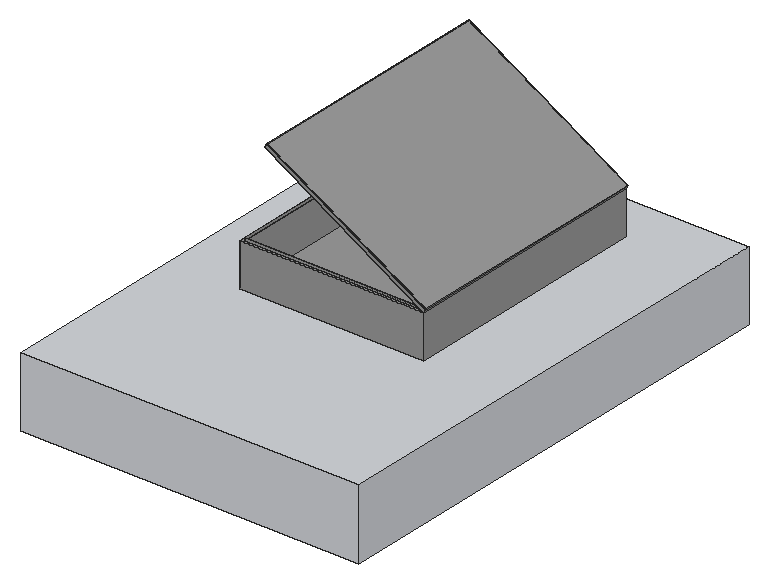
Revit family "Hager-Univers-IP44-D205-H1100-Cl.II-Encl-BE-en", category Equipement électrique, Revit 2020
Family settings
  Hôte = Face
  Configuration du panneau = Deux colonnes, circuits au sein
  Cote de connecteur circulaire = Utiliser le diamètre
  Type d'élément = Tableau de raccordement
  Couper avec des vides une fois chargée = Non
  Partagée = Non
  Point de calcul de pièce = Non
Parameters (values of type "Surface mounted (plaster) IP44 W800 H1100 D205  - FP73QS")
  Width Control [instance] = if([EF000008 - Width] > Min Width, [EF000008 - Width], Min Width)  # 800 mm
  Commentaires du type = [HG000003 - Range]  # "Univers"
  Thickness Door [instance] = if([EF009171 - Material plate thickness door/cover] > 3 mm, 3 mm, [EF009171 - Material plate thickness door/cover])  # 1 mm
  Seal Frame Offset [instance] = 17 mm  # constant formula
  Plinth Visibility [instance] = [HG000027 - Plinth height] > 0 mm  # no
  Model = ""
  Min Width [instance] = 100 mm  # constant formula
  Min Height [instance] = 100 mm  # constant formula
  Min Depth [instance] = (2 * [EF009170 - Material plate thickness cabinet]) + 1 mm  # 3 mm
  Internal Frame Depth [instance] = (Door System Depth * 0.5)  # 9 mm
  Height Control [instance] = if([EF000040 - Height] > Min Height, [EF000040 - Height], Min Height)  # 1100 mm
  HG000027 - Plinth height = 0 mm
  HG000026 - Floor standing = no
  HG000024 - Bottom section height = 800 mm
  HG000023 - Double section enclosure = no
  HG000016 - Door 3d visibility [instance] = yes
  HG000015 - Clearance visibility [instance] = no
  HG000014 - Door on the right [instance] = yes
  HG000013 - Door on the left [instance] = not([HG000014 - Door on the right])  # no
  HG000012 - Door swing angle [instance] = 30.00°
  HG000010 - Asymmetric doors = no
  HG000009 - Double swing door = no
  HG000006 - Flush mounted = no
  HG000004 - Manufacturer reference = "FP73QS"
  HG000003 - Range = "Univers"
  HG000002 - With door or cover = yes
  Frame Offset Bottom [instance] = 10 mm  # constant formula
  Frame Offset [instance] = 15 mm  # constant formula
  EF015940 - Cover with overpressure release = no
  EF011959 - Degree of protection (NEMA) = ""
  EF009554 - Number of openings for flange plates = 6
  EF009212 - Cover model = "EV000116 - Closed"
  EF009171 - Material plate thickness door/cover = 1 mm
  EF009170 - Material plate thickness cabinet = 1 mm
  Fabricant = "Hager"  # constant formula
  EF008873 - Nominal current (In) = 250 A
  EF007800 - Suitable for lightning protection = no
  EF006306 - With lock = no
  EF006244 - Transparent cover/door = no
  EF005474 - Degree of protection (IP) = "EV006418 - IP44"
  EF004464 - Type of door = "EV002646 - Single"
  EF004427 - Number of modules = 252
  EF004293 - Impact strength = "EV006815 - IK09"
  EF003532 - Suitable for outdoor use = no
  EF002950 - Width in number of modular spacings = 36
  EF001613 - Circuit integrity = "EV000494 - None"
  EF001596 - Material housing = "EV000179 - Steel"
  EF001131 - Internal depth = 143 mm
  EF001088 - Extension possible = yes
  EF000437 - Number of conduit inlets = 6
  EF000339 - Type of cover = "EV001012 - Cover"
  EF000266 - Number of rows = 7
  EF000218 - Built-in depth = 0 mm
  EF000118 - With mounting plate = no
  EF000116 - RAL-number = "9010"
  EF000049 - Depth = 205 mm
  EF000040 - Height = 1100 mm
  EF000008 - Width = 800 mm
  EF000007 - Colour = "EV000202 - White"
  EF000003 - Mounting method = "EV000384 - Surface mounted (plaster)"
  Door System Leaf Tolerance [instance] = 1.5 mm  # constant formula
  Door System Depth [instance] = 18 mm  # constant formula
  Door Height [instance] = Height Control - [HG000027 - Plinth height]  # 1100 mm
  Depth Control [instance] = if([EF000049 - Depth] > Min Depth, [EF000049 - Depth], Min Depth)  # 205 mm
  Default Elevation = 0 mm
  Connector Offset [instance] = Height Control / 2  # 550 mm
  Bottom Top Plate Trim [instance] = 1.5 mm  # constant formula
  Plinth height Ctrl [instance] = if([HG000027 - Plinth height] > 0 mm, [HG000027 - Plinth height], 12 mm)  # 12 mm
Types (5, lengths in mm): name | Width Control | HG000009 - Double swing door | HG000004 - Manufacturer reference | EF009554 - Number of openings for flange plates | EF004464 - Type of door | EF004427 - Number of modules | EF002950 - Width in number of modular spacings | EF000437 - Number of conduit inlets | EF000008 - Width
  Surface mounted (plaster) IP44 W1050 H1100 D205  - FP74QS | 1050 | yes | "FP74QS" | 8 | "EV003602 - Double" | 336 | 48 | 8 | 1050
  Surface mounted (plaster) IP44 W1300 H1100 D205  - FP75QS | 1300 | yes | "FP75QS" | 10 | "EV003602 - Double" | 420 | 60 | 10 | 1300
  Surface mounted (plaster) IP44 W300 H1100 D205  - FP71QS | 300 | no | "FP71QS" | 2 | "EV002646 - Single" | 84 | 12 | 2 | 300
  Surface mounted (plaster) IP44 W550 H1100 D205  - FP72QS | 550 | no | "FP72QS" | 4 | "EV002646 - Single" | 168 | 24 | 4 | 550
  Surface mounted (plaster) IP44 W800 H1100 D205  - FP73QS | 800 | no | "FP73QS" | 6 | "EV002646 - Single" | 252 | 36 | 6 | 800
Reference planes
  plane 1 "Center (Front/Back)": y = 0
  plane 2: z = 0
  plane 3 "Center (Left/Right)": x = 0
  plane 4: z = 205
  plane 5: y = 1
  plane 6: y = 550
  plane 7: y = 0
  plane 8: y = 1100
  plane 9: z = 0
  plane 10: x = -385
  plane 11: x = 385
  plane 12: x = 384
  plane 13: x = -384
  plane 14: y = 1099
  plane 15: x = -383
  plane 16: x = -400
  plane 17: x = 383
  plane 18: x = 400
  plane 19: x = 399
  plane 20: x = -399
  plane 21: y = 11
  plane 22: y = 1100
  plane 23: y = 1084
  plane 24: z = 187
  plane 25: z = 1
  plane 26: z = 186
  plane 27: z = 204
Forms (mm)
  Extrusion 1, solid
    sketch origin (0, 0, 0) x (1, 0, 0) y (0, 1, 0)
      loop
        line (-702.964, 1305) -> (-702.964, -811.445) -> (766.763, -811.445) -> (766.763, 1305) -> (-702.964, 1305)
    from 0 to -304.8
  Extrusion 2, solid, material "Hager_Steel_RAL7035_Light_Grey", visible <- "Plinth Visibility", detail levels medium+fine
    sketch origin (0, 0, 0) x (1, 0, 0) y (0, 1, 0)
      loop
        line (-400, 0) -> (400, 0) -> (400, 12) -> (-400, 12) -> (-400, 0)
    from 0 to 187
  Extrusion 3, solid, material "Hager_Steel_RAL7035_Light_Grey", detail levels medium+fine
    sketch origin (0, 0, 0) x (1, 0, 0) y (0, 1, 0)
      loop
        line (-400, 0) -> (400, 0) -> (400, 1100) -> (-400, 1100) -> (-400, 0)
    from 0 to 187
  Extrusion 4, void
    sketch origin (0, 0, 0) x (1, 0, 0) y (0, 1, 0)
      loop
        line (-399, 1) -> (399, 1) -> (399, 1099) -> (-399, 1099) -> (-399, 1)
    from 1 to 186
  Extrusion 5, void
    sketch origin (-381.607, -4572, 187) x (0, -1, 0) y (-1, 0, 0)
      loop
        line (-4583, 2.393) -> (-5656, 2.393) -> (-5656, -765.607) -> (-4583, -765.607) -> (-4583, 2.393)
    from 0 to 1 <- "EF009170 - Material plate thickness cabinet"
  Extrusion 6, solid, material "Hager_Steel_RAL7035_Light_Grey", detail levels fine
    sketch origin (0, 0, 187) x (1, 0, 0) y (0, 1, 0)
      loop
        line (-384, 1084) -> (-384, 11) -> (384, 11) -> (384, 1084) -> (-384, 1084)
      loop
        line (-385, 10) -> (385, 10) -> (385, 1085) -> (-385, 1085) -> (-385, 10)
    from 0 to 9 <- "Internal Frame Depth"
  Extrusion 7, solid, material "Hager_Steel_RAL7035_Light_Grey", detail levels coarse
    sketch origin (0, 0, 0) x (1, 0, 0) y (0, 1, 0)
      loop
        line (-400, 0) -> (400, 0) -> (400, 1100) -> (-400, 1100) -> (-400, 0)
    from 0 to 205
  Sweep 8, void
    path in 3D
      loop
        line (-400, 12, 0) -> (400, 12, 0) -> (400, 12, 187) -> (-400, 12, 187) -> (-400, 12, 0)
    profile origin (-400, 12, 93.5) x (-1, 0, 0) y (0, -1, 0)
      loop
        line (0, 0) -> (0, 1.5) -> (-1.5, 1.5)
        arc (-1.5, 1.5) -> (-1.061, 0.439) -> (0, 0) r 1.5
Cuts and joins
  Extrusion 4, Extrusion 5 cuts Extrusion 3
  Sweep 8 cuts Extrusion 2
Lines and regions (mm)
  Masking region 1
    outline origin (0, 0, 0) x (1, 0, 0) y (0, 0, 1)
      loop
        line (-400, 205) -> (-400, 0) -> (400, 0) -> (400, 205) -> (-400, 205)
  Masking region 2, detail levels medium+fine
    outline origin (0, 140, 0) x (0, 1, 0) y (0, 0, 1)
      loop
        line (-140, 0) -> (960, 0) -> (960, 187) -> (-140, 187) -> (-140, 0)
  Masking region 3, not visible, detail levels medium+fine
    outline origin (0, 297.922, 0) x (0, 1, 0) y (0, 0, 1)
      loop
        line (263.578, 0) -> (303.578, 0) -> (303.578, 194)
        arc (303.578, 194) -> (300.649, 201.071) -> (293.578, 204) r 10
        line (293.578, 204) -> (263.578, 204) -> (263.578, 0)
  Masking region 4, detail levels coarse
    outline origin (0, 0, 180) x (0, 1, 0) y (0, 0, 1)
      loop
        line (0, -180) -> (1100, -180) -> (1100, 25) -> (0, 25) -> (0, -180)
  Masking region 5, visible <- "Plinth Visibility", detail levels medium+fine
    outline origin (0, 52.24, 12.345) x (0, 0, -1) y (0, 1, 0)
      loop
        line (10.845, -40.24) -> (-173.155, -40.24)
        arc (-173.155, -40.24) -> (-173.594, -41.301) -> (-174.655, -41.74) r 1.5
        line (-174.655, -41.74) -> (-174.655, -52.24) -> (12.345, -52.24) -> (12.345, -41.74)
        arc (12.345, -41.74) -> (11.285, -41.301) -> (10.845, -40.24) r 1.5
  Masking region 6, detail levels medium+fine
    outline origin (-381.607, -4572, 187) x (-1, 0, 0) y (0, -1, 0)
      loop
        line (18.393, -5672) -> (18.393, -4572) -> (-781.607, -4572) -> (-781.607, -5672) -> (18.393, -5672)
  Masking region 7, visible <- "Plinth Visibility", detail levels medium+fine
    outline origin (-381.607, -4727, 187) x (-1, 0, 0) y (0, -1, 0)
      loop
        arc (16.893, -4739) -> (17.332, -4737.939) -> (18.393, -4737.5) r 1.5
        line (18.393, -4737.5) -> (18.393, -4727) -> (-781.607, -4727) -> (-781.607, -4737.5)
        arc (-781.607, -4737.5) -> (-780.546, -4737.939) -> (-780.107, -4739) r 1.5
        line (-780.107, -4739) -> (16.893, -4739)
  Masking region 8, detail levels coarse
    outline origin (-442.548, -4669.526, 187) x (-1, 0, 0) y (0, -1, 0)
      loop
        line (-42.548, -5769.526) -> (-42.548, -4669.526) -> (-842.548, -4669.526) -> (-842.548, -5769.526) -> (-42.548, -5769.526)
  sketch lines
    curve 1: line (-400, 12, 187) -> (-400, 12, 0)
    curve 2: line (400, 12, 187) -> (-400, 12, 187)
    curve 3: line (400, 12, 187) -> (400, 12, 0)
    curve 4: line (-400, 12, 0) -> (400, 12, 0)
Dimensions and locks
  "Depth Control": plane 4 to Extrusion 1
  "HG000027 - Plinth height": plane 1 "Center (Front/Back)" to plane 7
  "EF009170 - Material plate thickness cabinet": plane 5 to plane 7
  locked: connector elem to plane 3 "Center (Left/Right)"
  equal spacing: plane 8, plane 6, plane 7
  locked: connector elem to plane 6
  "EF009170 - Material plate thickness cabinet": plane 8 to plane 14
  "EF009170 - Material plate thickness cabinet": plane 10 to plane 13
  "EF009170 - Material plate thickness cabinet": plane 12 to plane 11
  "Frame Offset": plane 20 to plane 13
  "Frame Offset": plane 12 to plane 19
  "EF009170 - Material plate thickness cabinet": plane 16 to plane 20
  "EF009170 - Material plate thickness cabinet": plane 19 to plane 18
  "Seal Frame Offset": plane 16 to plane 15
  "Seal Frame Offset": plane 17 to plane 18
  "Frame Offset Bottom": plane 21 to plane 5
  "Frame Offset": plane 14 to plane 23
  equal spacing: plane 16, plane 3 "Center (Left/Right)", plane 18
  "Width Control": plane 16 to plane 18
  "EF009170 - Material plate thickness cabinet": plane 4 to plane 27
  "EF009170 - Material plate thickness cabinet": plane 24 to plane 26
  "EF009170 - Material plate thickness cabinet": plane 25 to level
  "Door System Depth": plane 4 to plane 24
  "Height Control": plane 1 "Center (Front/Back)" to Extrusion 7 sketch curve
  "Height Control": Masking region 4 sketch curve to plane 1 "Center (Front/Back)"
  "Height Control": plane 1 "Center (Front/Back)" to plane 22
  "Bottom Top Plate Trim": profile plane to Sweep 8 sketch curve
  "Bottom Top Plate Trim": Sweep 8 sketch curve to profile plane
  "Plinth height Ctrl": plane 1 "Center (Front/Back)" to Extrusion 2 sketch curve
  "Plinth height Ctrl": Masking region 5 sketch curve to plane 1 "Center (Front/Back)"
  "Plinth height Ctrl": plane 1 "Center (Front/Back)" to Masking region 7 sketch curve
  "Thickness Door": Extrusion 6 sketch curve to Extrusion 6 sketch curve  (x3)
  "Thickness Door": cut or joined group of Extrusion 3, Extrusion 4, Extrusion 5 to Extrusion 6 sketch curve
  radius of Masking region 3 sketch curve = 10 mm
  "Bottom Top Plate Trim": radius of Masking region 5 sketch curve  (x2)
  "Bottom Top Plate Trim": radius of Sweep 8 sketch curve
  "Bottom Top Plate Trim": radius of Masking region 7 sketch curve  (x2)
  aligned and locked: plane 2 to Extrusion 1
  aligned and locked: level to Extrusion 1
  aligned and locked: level to Masking region 1 sketch curve
  aligned and locked: Masking region 1 sketch curve to plane 18
  aligned and locked: Masking region 1 sketch curve to plane 16
  aligned and locked: plane 7 to Masking region 2 sketch curve
  aligned and locked: level to Masking region 3 sketch curve
  aligned and locked: Masking region 3 sketch curve to plane 27
  aligned and locked: level to Masking region 2 sketch curve
  aligned and locked: plane 1 "Center (Front/Back)" to Extrusion 2 sketch curve
  aligned and locked: Extrusion 3 sketch curve to plane 7
  aligned and locked: plane 16 to Extrusion 3 sketch curve
  aligned and locked: plane 18 to Extrusion 3 sketch curve
  aligned and locked: plane 20 to Extrusion 4 sketch curve
  aligned and locked: plane 19 to Extrusion 4 sketch curve
  aligned and locked: Extrusion 4 sketch curve to plane 5
  aligned and locked: Extrusion 4 to plane 25
  aligned and locked: plane 26 to Extrusion 4
  aligned and locked: plane 24 to Extrusion 3
  aligned and locked: Extrusion 5 sketch curve to plane 21
  aligned and locked: Extrusion 5 sketch curve to plane 13
  aligned and locked: Extrusion 5 sketch curve to plane 12
  aligned and locked: plane 18 to Extrusion 7 sketch curve
  aligned and locked: plane 1 "Center (Front/Back)" to Extrusion 7 sketch curve
  aligned and locked: plane 16 to Extrusion 7 sketch curve
  aligned and locked: plane 4 to Extrusion 7
  aligned and locked: Extrusion 7 to level
  aligned and locked: level to Masking region 4 sketch curve
  aligned and locked: Masking region 4 sketch curve to plane 1 "Center (Front/Back)"
  aligned and locked: Masking region 4 sketch curve to plane 4
  aligned and locked: nested 1 to level
  aligned and locked: nested 1 to plane 16
  aligned and locked: plane 8 to Extrusion 3 sketch curve
  aligned and locked: plane 23 to Extrusion 5 sketch curve
  aligned and locked: plane 14 to Extrusion 4 sketch curve
  aligned and locked: Masking region 2 sketch curve to plane 8
  aligned and locked: level to Masking region 5 sketch curve
  aligned and locked: plane 16 to Extrusion 2 sketch curve
  aligned and locked: plane 18 to Extrusion 2 sketch curve
  aligned and locked: Masking region 5 sketch curve to plane 24
  aligned and locked: Masking region 2 sketch curve to plane 24
  aligned and locked: plane 24 to Extrusion 2
  aligned and locked: profile plane to Sweep 8 sketch curve  (x2)
  aligned and locked: Masking region 6 sketch curve to plane 18
  aligned and locked: Masking region 6 sketch curve to plane 22
  aligned and locked: Masking region 6 sketch curve to plane 16
  aligned and locked: plane 8 to plane 22
  aligned and locked: Masking region 6 sketch curve to plane 7
  aligned and locked: Masking region 7 sketch curve to plane 16
  aligned and locked: Masking region 7 sketch curve to plane 1 "Center (Front/Back)"
  aligned and locked: Masking region 7 sketch curve to plane 18
  aligned and locked: Masking region 8 sketch curve to plane 1 "Center (Front/Back)"
  aligned and locked: Masking region 8 sketch curve to plane 18
  aligned and locked: Masking region 8 sketch curve to plane 22
  aligned and locked: Masking region 8 sketch curve to plane 16
  aligned and locked: nested 2 to plane 7
  aligned and locked: plane 3 "Center (Left/Right)" to nested 2
  aligned and locked: nested 2 to plane 24
  aligned and locked: Extrusion 6 sketch curve to cut or joined group of Extrusion 3, Extrusion 4, Extrusion 5  (x4)
Automatic sketch dimensions
  Extrusion 1 sketch curve to Extrusion 1 sketch curve = 1469.727 mm
  Extrusion 1 sketch curve to Extrusion 1 sketch curve = 2116.445 mm
  Masking region 1 sketch curve to plane 4 = 0 mm
  plane 6 to Masking region 3 sketch curve = 11.5 mm
  Masking region 3 sketch curve to Masking region 3 sketch curve = 30 mm
  Masking region 5 sketch curve to plane 1 "Center (Front/Back)" = 0 mm
Nested families
  nested 1: "Hager_Enclosure_Symbol" at (-400, 0, 0) x (1, 0, 0) z (0, -1, 0), Height <- "Depth Control", Width <- "Width Control", type "Hager_Enclosure_Symbol"
    with Width_Ctrl 800 mm, Width 800 mm, Height_Ctrl 205 mm, Height 205 mm, A_Width_Int 13.453 mm, A_Width 161.438 mm, A_Height_Ctrl 179.375 mm, A_Height 179.375 mm
  nested 2: "EC000058_Univers_Door" at (0, 0, 187) x (1, 0, 0) z (0, 1, 0), Leaf_Tolerance <- "Door System Leaf Tolerance", Angle <- "HG000012 - Door swing angle", Door_Depth <- "Door System Depth", Door_Left <- "HG000013 - Door on the left", Transparent <- "EF006244 - Transparent cover/door", Assymetrical <- "HG000010 - Asymmetric doors", Width <- "Width Control", Clearance <- "HG000015 - Clearance visibility", Double <- "HG000009 - Double swing door", 3d_Door <- "HG000016 - Door 3d visibility", Lock_Visibility <- "EF006306 - With lock", Width_Ctrl <- "Width Control", Door_Right <- "HG000014 - Door on the right", Door <- "HG000002 - With door or cover", Height <- "Door Height", Thickness <- "Thickness Door", type "EC000058_Univers_Door", detail levels medium+fine
    with min_wh 3 mm, Width_Ctrl 800 mm, Width 800 mm, Transparent no, Thickness 1 mm, Seal_Material Hager_Rubber, Lock_Visibility no, Lock_Material Hager_Plastic_RAL9005_Jet_Black, Leaf_Width 800 mm, Leaf_Tolerance_External_Sides 0 mm, Leaf_Tolerance 1.5 mm, Leaf_Offset 0 mm, Leaf_Height 1097 mm, Leaf_2_Width 800 mm, Leaf_2_Offset 400 mm, Leaf_1_Width 800 mm, Leaf_1_Offset 400 mm, Height_Ctrl 1100 mm, Height 1100 mm, Glass_Material Hager_Glass, Double_Clearance_Ctrl no, Double no, Door_Right_Ctrl yes, Door_Right yes, Door_Material Hager_Steel_RAL7035_Light_Grey, Door_Left_Ctrl no, Door_Left no, Door_Depth 18 mm, Door yes, Clearance_Material Hager_Clearance, Clearance_Depth 800 mm, Clearance_Ctrl no, Clearance no, Assymetrical no, Angle 30.00°, 3d_Door yes
Connectors
  electrical at (0, 550, 0)
    settings: on plane 9, index 1, voltage 0 V, apparent load 0 VA, apparent load phase1 0 VA, apparent load phase2 0 VA, apparent load phase3 0 VA, power factor 1, load classification "Other", number of poles 1, system type 30, power factor state 1, is connector primary yes, connector utility no, sub classification motor no, connector description ""
Definition of nested family "EC000058_Univers_Door"
  Parameters (values of type "EC000058_Univers_Door")
    min_wh [instance] = (2 * Thickness) + 1 mm  # 11 mm
    Width_Ctrl [instance] = 400 mm
    Width [instance] = 500 mm
    Transparent [instance] = yes
    Thickness [instance] = 5 mm
    Seal_Material [instance] = none
    Lock_Visibility [instance] = yes
    Lock_Material [instance] = none
    Leaf_Width [instance] = if((Width_Ctrl - 2 * Leaf_Tolerance_External_Sides) > 0 mm, (Width_Ctrl - 2 * Leaf_Tolerance_External_Sides), min_wh)  # 400 mm
    Leaf_Tolerance_External_Sides [instance] = 0 mm  # constant formula
    Leaf_Tolerance [instance] = 1.5 mm
    Leaf_Offset [instance] = 0 mm  # constant formula
    Leaf_Height [instance] = if((Height_Ctrl - 2 * Leaf_Tolerance) > 0 mm, (Height_Ctrl - 2 * Leaf_Tolerance), min_wh)  # 497 mm
    Leaf_2_Width [instance] = if(and(and(Double, Assymetrical), Door_Left), (Leaf_Width / 3) - (Leaf_Tolerance / 2), if(and(and(Double, Assymetrical), Door_Right), (Leaf_Width / 3) * 2 - (Leaf_Tolerance / 2), if(and(Double, not(Assymetrical)), (Leaf_Width / 2) - Leaf_Tolerance, Leaf_Width)))  # 400 mm
    Leaf_2_Offset [instance] = if(and(Double, Assymetrical), Leaf_2_Width / 2, if(and(Double, not(Assymetrical)), Leaf_Width / 4, Leaf_Width / 2))  # 200 mm
    Leaf_1_Width [instance] = if(and(and(Double, Assymetrical), Door_Right), (Leaf_Width / 3) - (Leaf_Tolerance / 2), if(and(and(Double, Assymetrical), Door_Left), (Width / 3) * 2 - (Leaf_Tolerance / 2), if(and(Double, not(Assymetrical)), (Leaf_Width / 2) - Leaf_Tolerance, Leaf_Width)))  # 400 mm
    Leaf_1_Offset [instance] = if(and(Double, Assymetrical), Leaf_1_Width / 2, if(and(Double, not(Assymetrical)), Leaf_Width / 4, Leaf_Width / 2))  # 200 mm
    Height_Ctrl [instance] = if(Height > min_wh, Height, min_wh)  # 500 mm
    Height [instance] = 500 mm
    Glass_Material [instance] = none
    Double_Clearance_Ctrl [instance] = and(Double, Clearance)  # no
    Double [instance] = no
    Door_Right_Ctrl [instance] = and(or(Door_Right, Double), Door)  # yes
    Door_Right [instance] = yes
    Door_Material [instance] = none
    Door_Left_Ctrl [instance] = and(or(Door_Left, Double), Door)  # no
    Door_Left [instance] = no
    Door_Depth [instance] = 30 mm
    Door [instance] = yes
    Default Elevation = 1219.2 mm
    Clearance_Material [instance] = none
    Clearance_Depth [instance] = if(Leaf_1_Width > Leaf_2_Width, Leaf_1_Width, Leaf_2_Width)  # 400 mm
    Clearance_Ctrl [instance] = and(not(Double), Clearance)  # yes
    Clearance [instance] = yes
    Assymetrical [instance] = yes
    Angle [instance] = 30.00°
    3d_Door [instance] = yes
  Reference planes
    plane 1 "Center (Front/Back)": y = 0
    plane 2 "Bottom": z = 0
    plane 3 "Center (Left/Right)": x = 0
    plane 4: z = 500
    plane 5: x = -200
    plane 6: x = 200
    plane 7: z = 500
    plane 8: x = -200
    plane 9: z = 0
    plane 10: x = 200
    plane 11: y = 0
    plane 12: z = 1.5
    plane 13: x = -600
    plane 14: y = -400
    plane 15: x = 600
    plane 16: x = 0
    plane 17: x = 0
    plane 18: x = -200
    plane 19: x = 200
    plane 20: z = 498.5
  Forms (mm)
    Extrusion 1, solid, material <- "Clearance_Material", visible <- "Double_Clearance_Ctrl"
      sketch origin (1200, 0, 0) x (1, 0, 0) y (0, 0, -1)
        loop
          line (-1800, -498.5) -> (-600, -498.5) -> (-600, 0) -> (-1800, 0) -> (-1800, -498.5)
      from 0 to -400
  Dimensions and locks
    equal spacing: plane 5, plane 3 "Center (Left/Right)", plane 6
    "Width_Ctrl": plane 5 to plane 6
    "Leaf_Offset": plane 5 to plane 8
    "Leaf_Offset": plane 6 to plane 10
    "Leaf_Offset": plane 9 to level
    "Leaf_Offset": plane 4 to plane 7
    "Height_Ctrl": plane 4 to level
    "Leaf_Tolerance": plane 12 to plane 9
    locked: plane 11 to plane 1 "Center (Front/Back)"
    "Leaf_1_Offset": plane 18 to plane 16
    "Leaf_2_Offset": plane 17 to plane 19
    "Leaf_1_Width": plane 13 to plane 8
    "Leaf_2_Width": plane 10 to plane 15
    "Clearance_Depth": plane 14 to plane 1 "Center (Front/Back)"
    "Leaf_Tolerance_External_Sides": plane 8 to plane 18
    "Leaf_Tolerance_External_Sides": plane 19 to plane 10
    "Leaf_Tolerance": plane 7 to plane 20
    aligned and locked: level to plane 2 "Bottom"
    aligned and locked: nested 1 to plane 16
    aligned and locked: nested 2 to plane 17
    aligned and locked: Extrusion 1 to plane 13
    aligned and locked: plane 15 to Extrusion 1
    aligned and locked: Extrusion 1 to plane 14
    aligned and locked: plane 12 to nested 1
    aligned and locked: nested 2 to plane 12
    aligned and locked: Extrusion 1 to plane 11
    aligned and locked: plane 20 to Extrusion 1
    aligned and locked: nested 2 to plane 11
    aligned and locked: nested 1 to plane 11
  Automatic sketch dimensions
    Extrusion 1 sketch curve to level = 0 mm
    plane 5 to Extrusion 1 sketch curve = 400 mm
    plane 6 to Extrusion 1 sketch curve = 400 mm
    Extrusion 1 sketch curve to plane 4 = 1.5 mm
  Nested families
    nested 1: "EC000058_Univers_Door_Leaf" at (0, 0, 1.5), Width <- "Leaf_1_Width", visible <- "Door_Left_Ctrl", Leaf_Height <- "Leaf_Height", Angle <- "Angle", 3d_Door <- "3d_Door", Transparent <- "Transparent", Clearance Material <- "Clearance_Material", Clearance <- "Clearance_Ctrl", Door_Material <- "Door_Material", Glass_Material <- "Glass_Material", Door_Depth <- "Door_Depth", Lock_Material <- "Lock_Material", Seal_Material <- "Seal_Material", Lock_Visibility <- "Lock_Visibility", Thickness <- "Thickness", type "EC000058_Univers_Door_Leaf"
      with Width 400 mm, Transparent_Glass_Offset 30 mm, Transparent_Ctrl yes, Transparent yes, Thickness 5 mm, Standard no, Seal_Material none, Seal_D2 8 mm, Seal_D1 1 mm, Offset_Internal_Frame 10 mm, Lock_Width 20 mm, Lock_Visibility_3d yes, Lock_Visibility yes, Lock_Thickness_3 3 mm, Lock_Thickness_2 1 mm, Lock_Thickness_1 3 mm, Lock_Radius_Offset_2 16 mm, Lock_Radius_Offset_1 15 mm, Lock_Radius_2 5 mm, Lock_Radius 6 mm, Lock_Offset 5 mm, Lock_Material none, Lock_Height 80 mm, Lock_Cover_Top_Offset_2d 17 mm, Lock_Cover_Height -65 mm, Leaf_Height 497 mm, Internal_Seal_Thickness 8 mm, Internal_Seal_Depth_2 4.5 mm, Internal_Frame_Depth 25 mm, Glass_Thickness -1 mm, Glass_Offset -2 mm, Glass_Material none, Door_Material none, Door_Depth 30 mm, Clearance Material none, Clearance yes, Angle_Ctrl 30.00°, Angle 30.00°, 3d_Door yes
    nested 2: "EC000058_Univers_Door_Leaf" at (0, 0, 1.5) x (-1, 0, 0) z (0, 0, 1), Width <- "Leaf_2_Width", visible <- "Door_Right_Ctrl", Leaf_Height <- "Leaf_Height", Angle <- "Angle", 3d_Door <- "3d_Door", Transparent <- "Transparent", Clearance Material <- "Clearance_Material", Clearance <- "Clearance_Ctrl", Door_Material <- "Door_Material", Glass_Material <- "Glass_Material", Door_Depth <- "Door_Depth", Lock_Material <- "Lock_Material", Seal_Material <- "Seal_Material", Lock_Visibility <- "Lock_Visibility", Thickness <- "Thickness", type "EC000058_Univers_Door_Leaf"
      with Width 400 mm, Transparent_Glass_Offset 30 mm, Transparent_Ctrl yes, Transparent yes, Thickness 5 mm, Standard no, Seal_Material none, Seal_D2 8 mm, Seal_D1 1 mm, Offset_Internal_Frame 10 mm, Lock_Width 20 mm, Lock_Visibility_3d yes, Lock_Visibility yes, Lock_Thickness_3 3 mm, Lock_Thickness_2 1 mm, Lock_Thickness_1 3 mm, Lock_Radius_Offset_2 16 mm, Lock_Radius_Offset_1 15 mm, Lock_Radius_2 5 mm, Lock_Radius 6 mm, Lock_Offset 5 mm, Lock_Material none, Lock_Height 80 mm, Lock_Cover_Top_Offset_2d 17 mm, Lock_Cover_Height -65 mm, Leaf_Height 497 mm, Internal_Seal_Thickness 8 mm, Internal_Seal_Depth_2 4.5 mm, Internal_Frame_Depth 25 mm, Glass_Thickness -1 mm, Glass_Offset -2 mm, Glass_Material none, Door_Material none, Door_Depth 30 mm, Clearance Material none, Clearance yes, Angle_Ctrl 30.00°, Angle 30.00°, 3d_Door yes
  Definition of nested family "EC000058_Univers_Door_Leaf"
    Parameters (values of type "EC000058_Univers_Door_Leaf")
      Width [instance] = 2000 mm
      Transparent_Glass_Offset [instance] = 30 mm
      Transparent_Ctrl [instance] = and(Transparent, [3d_Door])  # yes
      Transparent [instance] = yes
      Thickness [instance] = 5 mm
      Standard [instance] = and(not(Transparent), [3d_Door])  # no
      Seal_Material [instance] = none
      Seal_D2 [instance] = 8 mm  # constant formula
      Seal_D1 [instance] = 1 mm  # constant formula
      Offset_Internal_Frame [instance] = 10 mm  # constant formula
      Lock_Width [instance] = 20 mm  # constant formula
      Lock_Visibility_3d [instance] = and(Lock_Visibility, [3d_Door])  # yes
      Lock_Visibility [instance] = yes
      Lock_Thickness_3 [instance] = 3 mm  # constant formula
      Lock_Thickness_2 [instance] = 1 mm  # constant formula
      Lock_Thickness_1 [instance] = 3 mm  # constant formula
      Lock_Radius_Offset_2 [instance] = Lock_Radius_Offset_1 + 1 mm  # 16 mm
      Lock_Radius_Offset_1 [instance] = 15 mm  # constant formula
      Lock_Radius_2 [instance] = Lock_Radius - 1 mm  # 5 mm
      Lock_Radius [instance] = 6 mm  # constant formula
      Lock_Offset [instance] = 5 mm  # constant formula
      Lock_Material [instance] = none
      Lock_Height [instance] = 80 mm  # constant formula
      Lock_Cover_Top_Offset_2d [instance] = Lock_Radius_Offset_2 + 1 mm  # 17 mm
      Lock_Cover_Height [instance] = -(Lock_Height - Lock_Radius_Offset_1)  # -65 mm
      Leaf_Height [instance] = 2720.336 mm
      Internal_Seal_Thickness [instance] = 8 mm  # constant formula
      Internal_Seal_Depth_2 [instance] = 4.5 mm  # constant formula
      Internal_Frame_Depth [instance] = if(Door_Depth - Thickness > 5 mm, Door_Depth - Thickness, 5 mm)  # 25 mm
      Glass_Thickness [instance] = if(Thickness > 15 mm, Glass_Offset + 10 mm, -1 mm)  # -1 mm
      Glass_Offset [instance] = if(Thickness > 15 mm, -(Thickness + 10 mm) / 2, -2 mm)  # -2 mm
      Glass_Material [instance] = none
      Door_Material [instance] = none
      Door_Depth [instance] = 30 mm
      Default Elevation = 0 mm
      Clearance Material [instance] = none
      Clearance [instance] = yes
      Angle_Ctrl [instance] = if(Angle > 180.00°, 180.00°, Angle)  # 90.00°
      Angle [instance] = 90.00°
      3d_Door [instance] = yes
    Reference planes
      plane 1 "Center (Front/Back)": y = 0
      plane 2: z = 0
      plane 3 "Center (Left/Right)": x = 0
      plane 4: y = 2000
      plane 5: x = -1000
      plane 6: x = 1000
      plane 7: x = -3000
      plane 8: z = 2720.336
      plane 9: z = 30
      plane 10: z = 2690.336
      plane 11: x = 970
      plane 12: x = -970
      plane 13: y = -3
      plane 14: z = 107.833
      plane 15: y = -5
      plane 16: y = -223.314
      plane 17: x = -1000
      plane 18: z = 1360.168
      plane 19: y = 30
    Forms (mm)
      Extrusion 1, solid, material <- "Clearance Material", visible <- "Clearance"
        sketch origin (0, 0, 0) x (1, 0, 0) y (0, 0, 1)
          loop
            line (-3000, 2720.336) -> (-3000, 0) -> (1000, 0) -> (1000, 2720.336) -> (-3000, 2720.336)
        from 0 to -2000
      Extrusion 2, solid, material <- "Door_Material", visible <- "Standard", detail levels medium+fine
        sketch origin (-1000, 0, 0) x (0, 1, 0) y (-1, 0, 0)
          loop
            line (0, 30) -> (0, 25) -> (2000, 25) -> (2000, 30) -> (0, 30)
        from 0 to 2720.336 <- "Leaf_Height"
      Extrusion 3, solid, material <- "Door_Material", visible <- "Transparent_Ctrl", detail levels medium+fine
        sketch origin (-1000, 0, 0) x (0, 1, 0) y (-1, 0, 0)
          loop
            line (0, 25) -> (2000, 25) -> (2000, 30) -> (0, 30) -> (0, 25)
        from 0 to 2720.336 <- "Leaf_Height"
      Extrusion 4, void
        sketch origin (-1025, 2000, 0) x (0, 1, 0) y (0, 0, -1)
          loop
            line (-30, -2690.336) -> (-30, -30) -> (-1970, -30) -> (-1970, -2690.336) -> (-30, -2690.336)
        from 0 to 5 <- "Thickness"
      Sweep 5, solid, material <- "Seal_Material", visible <- "Transparent_Ctrl", detail levels fine
        path in 3D
          loop
            line (-1025, 30, 30) -> (-1025, 30, 2690.336) -> (-1025, 1970, 2690.336) -> (-1025, 1970, 30) -> (-1025, 30, 30)
        profile origin (-1025, 1000, 30) x (1, 0, 0) y (0, 0, 1)
          loop
            line (0, 0) -> (0, -8) -> (1, -8) -> (1, 0) -> (0, 0)
      Extrusion 6, solid, material <- "Glass_Material", visible <- "Transparent_Ctrl", detail levels medium+fine
        sketch origin (-1030, 0, 0) x (0, 1, 0) y (0, 0, -1)
          loop
            line (1970, -2690.336) -> (1970, -30) -> (30, -30) -> (30, -2690.336) -> (1970, -2690.336)
        from -2 <- "Glass_Offset" to -1 <- "Glass_Thickness"
      Extrusion 7, solid, material <- "Door_Material", visible <- "3d_Door", detail levels medium+fine
        sketch origin (-1025, 2000, 0) x (0, -1, 0) y (0, 0, -1)
          loop
            line (0, -2720.336) -> (2000, -2720.336) -> (2000, 0) -> (0, 0) -> (0, -2720.336)
          loop
            line (1995, -5) -> (5, -5) -> (5, -2715.336) -> (1995, -2715.336) -> (1995, -5)
        from 0 to 25 <- "Internal_Frame_Depth"
      Sweep 8, solid, material <- "Seal_Material", visible <- "Transparent_Ctrl", detail levels fine
        path in 3D
          loop
            line (-1025, 0, 0) -> (-1025, 2000, 0) -> (-1025, 2000, 2720.336) -> (-1025, 0, 2720.336) -> (-1025, 0, 0)
        profile origin (-1025, 0, 1360.168) x (1, 0, 0) y (0, 1, 0)
          loop
            line (0, 10) -> (2.975, 10)
            arc (2.975, 10) -> (4.053, 10.447) -> (4.5, 11.525) r 1.525
            line (4.5, 11.525) -> (4.5, 16.527)
            arc (4.5, 16.527) -> (4.069, 17.569) -> (3.027, 18) r 1.473
            line (3.027, 18) -> (0, 18) -> (0, 10)
      Extrusion 9, solid, material <- "Lock_Material", visible <- "Lock_Visibility_3d", detail levels fine
        sketch origin (-1030, 0, 0) x (0, 1, 0) y (0, 0, -1)
          loop
            arc (1993.5, -1400.168) -> (1994.561, -1399.729) -> (1995, -1398.668) r 1.5
            line (1995, -1398.668) -> (1995, -1320.168) -> (1975, -1320.168) -> (1975, -1398.668)
            arc (1975, -1398.668) -> (1975.439, -1399.729) -> (1976.5, -1400.168) r 1.5
            line (1976.5, -1400.168) -> (1993.5, -1400.168)
        from 3 <- "Lock_Thickness_1" to 0
      Blend 10, solid, material <- "Lock_Material", visible <- "Lock_Visibility_3d", detail levels fine
        base sketch origin (-1033, 0, 0) x (0, 1, 0) y (0, 0, -1)
          loop
            line (1975, -1320.168) -> (1975, -1398.668)
            arc (1975, -1398.668) -> (1975.439, -1399.729) -> (1976.5, -1400.168) r 1.5
            line (1976.5, -1400.168) -> (1993.5, -1400.168)
            arc (1993.5, -1400.168) -> (1994.561, -1399.729) -> (1995, -1398.668) r 1.5
            line (1995, -1398.668) -> (1995, -1320.168) -> (1975, -1320.168)
        top sketch origin (-1033, 0, 0) x (0, 1, 0) y (0, 0, -1)
          loop
            line (1976, -1320.168) -> (1976, -1398.668)
            arc (1976, -1398.668) -> (1976.146, -1399.022) -> (1976.5, -1399.168) r 0.5
            line (1976.5, -1399.168) -> (1993.5, -1399.168)
            arc (1993.5, -1399.168) -> (1993.854, -1399.022) -> (1994, -1398.668) r 0.5
            line (1994, -1398.668) -> (1994, -1320.168) -> (1976, -1320.168)
        from 0 to 1 <- "Lock_Thickness_2"
      Blend 11, solid, material <- "Lock_Material", visible <- "Lock_Visibility_3d", detail levels fine
        base sketch origin (-1034, 0, 0) x (0, 1, 0) y (0, 0, -1)
          loop
            line (1978, -1320.168) -> (1978, -1384.168)
            arc (1978, -1384.168) -> (1985, -1391.168) -> (1992, -1384.168) r 7
            line (1992, -1384.168) -> (1992, -1320.168) -> (1978, -1320.168)
        top sketch origin (-1034, 0, 0) x (0, 1, 0) y (0, 0, -1)
          loop
            line (1991, -1320.168) -> (1979, -1320.168) -> (1979, -1383.168)
            arc (1979, -1383.168) -> (1985, -1389.168) -> (1991, -1383.168) r 6
            line (1991, -1383.168) -> (1991, -1320.168)
        from 0 to 3 <- "Lock_Thickness_3"
      Extrusion 12, solid, material <- "Lock_Material", visible <- "Lock_Visibility_3d", detail levels fine
        sketch origin (-1030, 1975, 1320.168) x (1, 0, 0) y (0, -1, 0)
          loop
            line (-7, -19) -> (-7, -1) -> (0, -1) -> (0, 0) -> (-8, 0) -> (-8, -20) -> (0, -20) -> (0, -19) -> (-7, -19)
        from 0 to -65 <- "Lock_Cover_Height"
      Extrusion 13, void
        sketch origin (-1038, 1995, 1320.168) x (-1, 0, 0) y (0, 0, -1)
          loop
            line (-5, -65) -> (0, -65) -> (-5, -60) -> (-5, -65)
        from 0 to 20 <- "Lock_Width"
      Extrusion 14, void
        sketch origin (-1038, 1975, 1320.168) x (0, -1, 0) y (0, 0, -1)
          loop
            circle (-10, -15.995) r 6
          loop
            circle (-10, -15.995) r 5
        from 0 to 2
      Extrusion 15, solid, material <- "Lock_Material", visible <- "Lock_Visibility_3d", detail levels medium
        sketch origin (-1030, 0, 0) x (0, 1, 0) y (0, 0, -1)
          loop
            arc (1993.5, -1400.168) -> (1994.561, -1399.729) -> (1995, -1398.668) r 1.5
            line (1995, -1398.668) -> (1995, -1320.168) -> (1975, -1320.168) -> (1975, -1398.668)
            arc (1975, -1398.668) -> (1975.439, -1399.729) -> (1976.5, -1400.168) r 1.5
            line (1976.5, -1400.168) -> (1993.5, -1400.168)
        from 8 to 0
    Cuts and joins
      Extrusion 4 cuts Extrusion 3
      Extrusion 13, Extrusion 14 cuts Extrusion 9
      Extrusion 14 cuts Blend 11
      Extrusion 13, Extrusion 14 cuts Extrusion 12
      joined: Extrusion 9, Blend 10, Blend 11, Extrusion 12
      Extrusion 14 cuts Extrusion 15
    Lines and regions (mm)
      Masking region 1, visible <- "Lock_Visibility", detail levels fine
        outline origin (0, 0, 0) x (0, 1, 0) y (0, 0, 1)
          loop
            line (30, 1320.168) -> (33, 1320.168) -> (33, 1400.168) -> (30, 1400.168) -> (30, 1320.168)
      Masking region 2, visible <- "Lock_Visibility", detail levels fine
        outline origin (0, 3.143, 0) x (0, 1, 0) y (0, 0, 1)
          loop
            line (29.857, 1354.168) -> (30.857, 1354.168) -> (30.857, 1366.168) -> (29.857, 1366.168) -> (29.857, 1354.168)
      Masking region 3, detail levels medium+fine
        outline origin (0, 0, 0) x (0, 1, 0) y (0, 0, 1)
          loop
            line (0, 0) -> (30, 0) -> (30, 2720.336) -> (0, 2720.336) -> (0, 0)
      Masking region 4, detail levels medium+fine
        outline origin (0, 0, 0) x (1, 0, 0) y (0, 0, 1)
          loop
            line (-1000, 2720.336) -> (-1000, 0) -> (1000, 0) -> (1000, 2720.336) -> (-1000, 2720.336)
      Masking region 5, visible <- "Lock_Visibility", detail levels fine
        outline origin (-47.116, 0, 0) x (1, 0, 0) y (0, 0, 1)
          loop
            arc (1024.616, 1399.168) -> (1023.556, 1398.729) -> (1023.116, 1397.668) r 1.5
            line (1023.116, 1397.668) -> (1023.116, 1320.168) -> (1041.116, 1320.168) -> (1041.116, 1397.668)
            arc (1041.116, 1397.668) -> (1040.677, 1398.729) -> (1039.616, 1399.168) r 1.5
            line (1039.616, 1399.168) -> (1024.616, 1399.168)
      Masking region 6, visible <- "Lock_Visibility", detail levels medium+fine
        outline origin (-25, 0, 0) x (1, 0, 0) y (0, 0, 1)
          loop
            arc (1001.5, 1400.168) -> (1000.439, 1399.729) -> (1000, 1398.668) r 1.5
            line (1000, 1398.668) -> (1000, 1320.168) -> (1020, 1320.168) -> (1020, 1398.668)
            arc (1020, 1398.668) -> (1019.561, 1399.729) -> (1018.5, 1400.168) r 1.5
            line (1018.5, 1400.168) -> (1001.5, 1400.168)
      Masking region 7, visible <- "Lock_Visibility", detail levels fine
        outline origin (-73.735, 0, 0) x (1, 0, 0) y (0, 0, 1)
          loop
            line (1051.735, 1382.168) -> (1065.735, 1382.168) -> (1065.735, 1384.168)
            arc (1065.735, 1384.168) -> (1058.735, 1391.168) -> (1051.735, 1384.168) r 7
            line (1051.735, 1384.168) -> (1051.735, 1382.168)
      Masking region 8, visible <- "Lock_Visibility", detail levels fine
        outline origin (-73.735, 0, 0) x (1, 0, 0) y (0, 0, 1)
          loop
            line (1052.735, 1382.168) -> (1064.735, 1382.168) -> (1064.735, 1383.168)
            arc (1064.735, 1383.168) -> (1058.735, 1389.168) -> (1052.735, 1383.168) r 6
            line (1052.735, 1383.168) -> (1052.735, 1382.168)
      Masking region 9, visible <- "Lock_Visibility", detail levels fine
        outline origin (-25, 0, 0) x (1, 0, 0) y (0, 0, 1)
          loop
            line (1020, 1320.168) -> (1020, 1382.168) -> (1000, 1382.168) -> (1000, 1320.168) -> (1020, 1320.168)
      Masking region 10, detail levels medium+fine
        outline origin (0, 0, 0) x (1, 0, 0) y (0, 0, 1)
          loop
            circle (985, 1335.144) r 6
      Masking region 11, detail levels fine
        outline origin (0, 0, 0) x (1, 0, 0) y (0, 0, 1)
          loop
            circle (985, 1335.144) r 5
      Masking region 12, visible <- "Lock_Visibility", detail levels fine
        outline origin (0, 12.767, 0) x (0, 1, 0) y (0, 0, 1)
          loop
            line (20.233, 1320.168) -> (21.233, 1320.168) -> (21.233, 1399.168) -> (20.233, 1400.168) -> (20.233, 1320.168)
      Masking region 13, visible <- "Lock_Visibility", detail levels fine
        outline origin (0, 13.767, -10) x (0, 1, 0) y (0, 0, 1)
          loop
            line (20.233, 1330.168) -> (23.233, 1330.168) -> (23.233, 1399.168) -> (20.233, 1402.168) -> (20.233, 1330.168)
      Masking region 14, visible <- "Lock_Visibility", detail levels fine
        outline origin (0, 12.767, -10) x (0, 1, 0) y (0, 0, 1)
          loop
            line (20.233, 1330.168) -> (25.233, 1330.168) -> (25.233, 1399.305) -> (20.233, 1394.305) -> (20.233, 1330.168)
      Masking region 15, visible <- "Lock_Visibility", detail levels medium
        outline origin (0, 0, 0) x (0, 1, 0) y (0, 0, 1)
          loop
            line (30, 1320.168) -> (38, 1320.168) -> (38, 1400.168) -> (30, 1400.168) -> (30, 1320.168)
      Masking region 16, visible <- "Lock_Visibility", detail levels fine
        outline origin (-1000, 0, 0) x (0, 1, 0) y (-1, 0, 0)
          loop
            line (1975, 30) -> (1995, 30) -> (1995, 38) -> (1975, 38) -> (1975, 30)
          loop
            line (1979, 37) -> (1976, 37) -> (1976, 34) -> (1978, 34) -> (1979, 37)
          loop
            line (1994, 37) -> (1991, 37) -> (1992, 34) -> (1994, 34) -> (1994, 37)
      Masking region 17, visible <- "Lock_Visibility", detail levels medium
        outline origin (-1000, 0, 0) x (0, 1, 0) y (-1, 0, 0)
          loop
            line (1975, 30) -> (1995, 30) -> (1995, 38) -> (1975, 38) -> (1975, 30)
      symbolic lines
        curve 1: line (1000, 0, 0) -> (-3000, 0, 0)
        curve 2: arc (1000, 0, 0) -> (-1000, 2000, 0) -> (-3000, 0, 0) r 2000
        curve 4: line (-1030, 0, 0) -> (-1030, 2000, 0)
      reference lines
        curve 3: line (-1000, 0, 0) -> (-1000, 2000, 0)
      symbolic lines, detail levels medium+fine
        curve 5: line (-1030, 2000, 0) -> (-1025, 2000, 0)
        curve 7: line (-1025, 0, 0) -> (-1030, 0, 0)
        curve 8: line (-1025, 0, 0) -> (-1000, 0, 0)
        curve 9: line (-1000, 0, 0) -> (-1000, 2000, 0)
        curve 10: line (-1000, 2000, 0) -> (-1025, 2000, 0)
      symbolic lines, detail levels fine
        curve 6: line (-1025, 2000, 0) -> (-1025, 0, 0)
      sketch lines
        curve 11: line (-1025, 0, 2720.336) -> (-1025, 0, 0)
        curve 12: line (-1025, 2000, 0) -> (-1025, 0, 0)
        curve 13: line (-1025, 2000, 2720.336) -> (-1025, 2000, 0)
        curve 14: line (-1025, 0, 2720.336) -> (-1025, 2000, 2720.336)
        curve 15: line (-1025, 1970, 30) -> (-1025, 30, 30)
        curve 16: line (-1025, 30, 30) -> (-1025, 30, 2690.336)
        curve 17: line (-1025, 1970, 2690.336) -> (-1025, 1970, 30)
        curve 18: line (-1025, 30, 2690.336) -> (-1025, 1970, 2690.336)
      symbolic lines, visible <- "Transparent", detail levels medium+fine
        curve 19: line (-970, 0, 2690.336) -> (970, 0, 2690.336)
        curve 20: line (-970, 0, 30) -> (-970, 0, 2690.336)
        curve 21: line (970, 0, 30) -> (-970, 0, 30)
        curve 22: line (970, 0, 2690.336) -> (970, 0, 30)
    Dimensions and locks
      "Width": plane 1 "Center (Front/Back)" to plane 4
      equal spacing: plane 5, plane 3 "Center (Left/Right)", plane 6
      "Width": plane 5 to plane 6
      "Width": plane 7 to plane 5
      "Leaf_Height": plane 8 to level
      "Width": curve 5 to curve 3
      "Width": curve 3 to curve 3
      plane 8 to plane 10 = 30 mm
      plane 9 to level = 30 mm
      plane 12 to plane 5 = 30 mm
      plane 6 to plane 11 = 30 mm
      Extrusion 1 to Extrusion 4 sketch curve = 30 mm
      "Transparent_Glass_Offset": curve 3 to Extrusion 4 sketch curve
      "Transparent_Glass_Offset": Extrusion 4 sketch curve to cut or joined group of Extrusion 3, Extrusion 4  (x2)
      cut or joined group of Extrusion 3, Extrusion 4 to Extrusion 6 sketch curve = 30 mm
      "Transparent_Glass_Offset": cut or joined group of Extrusion 3, Extrusion 4 to Extrusion 4 sketch curve
      "Thickness": curve 6 to curve 4
      "Thickness": Extrusion 7 sketch curve to Extrusion 7 sketch curve  (x4)
      "Door_Depth": curve 4 to curve 3
      "Offset_Internal_Frame": profile plane to Sweep 8 sketch curve
      "Internal_Seal_Thickness": Sweep 8 sketch curve to Sweep 8 sketch curve
      "Internal_Seal_Depth_2": profile plane to Sweep 8 sketch curve
      "Seal_D1": profile plane to Sweep 5 sketch curve
      "Seal_D2": profile plane to Sweep 5 sketch curve
      "Thickness": Extrusion 2 sketch curve to Extrusion 2 sketch curve
      equal spacing: Extrusion 9 sketch curve, plane 18, Extrusion 9 sketch curve  (x2)
      equal spacing: Masking region 1 sketch curve, plane 18, Masking region 1 sketch curve
      "Lock_Height": Masking region 1 sketch curve to Masking region 1 sketch curve
      "Lock_Radius": Masking region 2 sketch curve to plane 18 to Masking region 2 sketch curve
      Masking region 2 sketch curve to Masking region 1 = 1 mm
      "Door_Depth": plane 19 to plane 1 "Center (Front/Back)"
      "Lock_Thickness_1": Masking region 1 sketch curve to plane 19
      "Lock_Width": Extrusion 9 sketch curve to Extrusion 9 sketch curve
      "Lock_Height": Extrusion 9 sketch curve to Extrusion 9 sketch curve
      "Lock_Offset": cut or joined group of Extrusion 3, Extrusion 4 to Extrusion 9 sketch curve
      equal spacing: plane 8, plane 18, level
      "Lock_Radius_Offset_1": Blend 11 sketch curve to Blend 10
      locked: Blend 10 to Blend 11 sketch curve at 2  (x2)
      locked: var sketch to Blend 11 sketch curve at 1  (x2)
      "Lock_Radius_Offset_2": Blend 11 sketch curve to Blend 10
      locked: Extrusion 12 sketch curve to Extrusion 12 sketch curve at 1  (x3)
      Masking region 6 sketch curve to Masking region 6 sketch curve = 80 mm
      "Lock_Height": Masking region 6 sketch curve to Masking region 6 sketch curve
      "Lock_Width": Masking region 6 sketch curve to Masking region 6 sketch curve
      locked: Masking region 6 to Masking region 5 sketch curve at 1  (x3)
      locked: Masking region 5 to Masking region 7 sketch curve at 2  (x2)
      "Lock_Radius_Offset_1": Masking region 5 to Masking region 7 sketch curve
      "Lock_Radius_Offset_2": Masking region 5 to Masking region 8 sketch curve
      locked: Masking region 7 to Masking region 8 sketch curve at 1  (x2)
      "Lock_Cover_Top_Offset_2d": Masking region 5 to Masking region 9 sketch curve
      equal spacing: Masking region 9, Masking region 10 sketch curve, Masking region 9
      equal spacing: Masking region 9, Masking region 11 sketch curve, Masking region 9
      Extrusion 15 sketch curve to Extrusion 15 sketch curve = 80 mm
      "Lock_Width": Extrusion 15 sketch curve to Extrusion 15 sketch curve
      "Lock_Height": Extrusion 15 sketch curve to Extrusion 15 sketch curve
      equal spacing: Extrusion 15 sketch curve, plane 18, Extrusion 15 sketch curve
      "Lock_Thickness_3": Masking region 13 sketch curve to Masking region 13 sketch curve
      "Lock_Height": Masking region 12 sketch curve to Masking region 12 sketch curve
      locked: Masking region 13 sketch curve to Masking region 1 at 8
      locked: Masking region 14 sketch curve to Masking region 13 at 1
      locked: Masking region 14 sketch curve to Masking region 1 at 10.863
      "Lock_Height": Masking region 15 sketch curve to Masking region 15 sketch curve
      "Lock_Offset": Extrusion 15 sketch curve to cut or joined group of Extrusion 3, Extrusion 4
      "Lock_Offset": plane 6 to Masking region 6 sketch curve
      radius of Sweep 8 sketch curve = 1.525 mm
      radius of Sweep 8 sketch curve = 1.473 mm
      radius of Extrusion 9 sketch curve = 1.5 mm  (x2)
      "Lock_Radius": radius of Extrusion 14 sketch curve
      "Lock_Radius_2": radius of Extrusion 14 sketch curve
      "Lock_Radius": radius of Masking region 10 sketch curve
      "Lock_Radius_2": radius of Masking region 11 sketch curve
      radius of Extrusion 15 sketch curve = 1.5 mm  (x2)
      "Angle_Ctrl": angle plane 1 "Center (Front/Back)" to curve 3
      locked: Masking region 12 sketch curve to Masking region 12 sketch curve (angle 45.00°)
      locked: Masking region 13 sketch curve to Masking region 13 sketch curve (angle 45.00°)
      locked: Masking region 14 sketch curve to Masking region 14 sketch curve (angle 45.00°)
      aligned and locked: level to plane 2
      aligned and locked: Extrusion 1 to curve 1
      aligned and locked: plane 6 to Extrusion 1
      aligned and locked: Extrusion 1 to plane 1 "Center (Front/Back)"
      aligned and locked: plane 4 to Extrusion 1
      aligned and locked: plane 8 to Extrusion 1
      aligned and locked: curve 7 to Extrusion 2 sketch curve
      aligned and locked: curve 5 to Extrusion 2 sketch curve
      aligned and locked: curve 7 to Extrusion 3 sketch curve
      aligned and locked: Extrusion 3 sketch curve to curve 4
      aligned and locked: Extrusion 3 sketch curve to curve 6
      aligned and locked: Extrusion 3 sketch curve to curve 5
      aligned and locked: curve 9 to curve 3
      aligned and locked: Extrusion 7 sketch curve to cut or joined group of Extrusion 3, Extrusion 4  (x4)
      aligned and locked: plane 17 to curve 3
      aligned and locked: plane 1 "Center (Front/Back)" to curve 3
      aligned and locked: plane 17 to plane 5
      aligned and locked: Sweep 8 sketch curve to profile plane
      aligned and locked: Sweep 5 sketch curve to profile plane  (x2)
      aligned and locked: Masking region 1 to Masking region 2 sketch curve
      aligned and locked: plane 19 to Masking region 1 sketch curve
      aligned and locked: plane 1 "Center (Front/Back)" to Masking region 3 sketch curve
      aligned and locked: plane 19 to Masking region 3 sketch curve
      aligned and locked: level to Masking region 3 sketch curve
      aligned and locked: Masking region 3 sketch curve to plane 8
      aligned and locked: plane 17 to Masking region 4 sketch curve
      aligned and locked: level to Masking region 4 sketch curve
      aligned and locked: Masking region 4 sketch curve to plane 8
      aligned and locked: plane 12 to curve 20
      aligned and locked: plane 10 to curve 19
      aligned and locked: plane 11 to curve 22
      aligned and locked: curve 21 to plane 9
      aligned and locked: Extrusion 2 sketch curve to cut or joined group of Extrusion 3, Extrusion 4
      aligned and locked: Blend 10 sketch curve to Extrusion 9  (x4)
      aligned and locked: Extrusion 9 to Blend 10 sketch curve
      aligned and locked: Blend 10 to Blend 11 sketch curve
      aligned and locked: Extrusion 12 sketch curve to Blend 11
      aligned and locked: Extrusion 12 sketch curve to Extrusion 9  (x4)
      aligned and locked: Masking region 5 sketch curve to Masking region 6
      aligned and locked: Masking region 9 sketch curve to Masking region 6  (x3)
      aligned and locked: Masking region 12 sketch curve to Masking region 1
      aligned and locked: Masking region 13 sketch curve to Masking region 1
      aligned and locked: Masking region 12 to Masking region 14
      aligned and locked: Masking region 14 sketch curve to Masking region 1
      aligned and locked: Masking region 15 sketch curve to Masking region 14
      aligned and locked: Masking region 13 sketch curve to Masking region 12
      aligned and locked: Masking region 16 sketch curve to cut or joined group of Extrusion 14, Extrusion 15  (x4)
      aligned and locked: Masking region 16 sketch curve to cut or joined group of Extrusion 9, Blend 10, Blend 11, Extrusion 12, Extrusion 13, Extrusion 14  (x6)
      aligned and locked: cut or joined group of Extrusion 9, Blend 10, Blend 11, Extrusion 12, Extrusion 13, Extrusion 14 to Masking region 16 sketch curve
      aligned and locked: Masking region 17 sketch curve to cut or joined group of Extrusion 14, Extrusion 15  (x3)
      aligned and locked: Masking region 17 sketch curve to cut or joined group of Extrusion 9, Blend 10, Blend 11, Extrusion 12, Extrusion 13, Extrusion 14
      aligned and locked: Masking region 9 to Masking region 8 sketch curve
      aligned and locked: Masking region 9 to Masking region 7 sketch curve
    Automatic sketch dimensions
      plane 1 "Center (Front/Back)" to curve 2 = 0 mm
      curve 2 to plane 5 = 0 mm
      Extrusion 1 sketch curve to level = 0 mm
      Extrusion 1 sketch curve to plane 7 = 0 mm
      Extrusion 1 sketch curve to plane 6 = 0 mm
      Extrusion 1 sketch curve to plane 8 = 0 mm
      Extrusion 3 to Extrusion 6 sketch curve = 30 mm  (x4)
      Masking region 4 sketch curve to plane 6 = 0 mm
      Blend 10 sketch curve to Extrusion 9 = 1.5 mm
      Blend 10 sketch curve to Extrusion 9 = 1 mm
      Extrusion 13 sketch curve to Extrusion 12 = 0 mm  (x2)
      Extrusion 12 to Extrusion 13 sketch curve = 3 mm
      Extrusion 13 sketch curve to Extrusion 12 = 5 mm
      Extrusion 14 sketch curve to Extrusion 14 sketch curve = 0 mm  (x2)
      Extrusion 14 sketch curve to Extrusion 12 = 10 mm
      Extrusion 14 sketch curve to Extrusion 12 = 15.995 mm
      Masking region 5 sketch curve to Masking region 5 sketch curve = 1.5 mm  (x2)
      Masking region 10 sketch curve to plane 18 = 25.024 mm
      Masking region 11 sketch curve to plane 18 = 25.024 mm
      plane 19 to Masking region 14 sketch curve = 3 mm
      Masking region 16 sketch curve to Masking region 16 sketch curve = 3 mm
      curve 4 to curve 3 = 0 mm
      Blend 10 to Blend 11 sketch curve = 0 mm
      Masking region 6 sketch curve to Masking region 6 sketch curve = 1.5 mm  (x2)
      Masking region 6 sketch curve to plane 18 = 40 mm
      plane 19 to Masking region 12 sketch curve = 3 mm
      Masking region 12 sketch curve to Masking region 12 sketch curve = 1 mm
      Masking region 15 sketch curve to plane 19 = 0 mm
      Masking region 15 sketch curve to plane 18 = 40 mm
      radius of Blend 10 sketch curve to Extrusion 9 = 1 mm
Definition of nested family "Hager_Enclosure_Symbol"
  Parameters (values of type "Hager_Enclosure_Symbol")
    Width_Ctrl [instance] = if(Width > 1 mm, Width, 1 mm)  # 102.27 mm
    Width [instance] = 102.27 mm
    Height_Ctrl [instance] = if(Height > 1 mm, Height, 1 mm)  # 66.5 mm
    A_Width_Int [instance] = if(A_Width / 12 > 2 mm, A_Width / 12, 2 mm)  # 4.364 mm
    A_Width [instance] = if(A_Height_Ctrl * 0.9 > 2 mm, A_Height_Ctrl * 0.9, 2 mm)  # 52.369 mm
    A_Height_Ctrl [instance] = if(A_Height > 2 mm, A_Height, 2 mm)  # 58.188 mm
    Height [instance] = 66.5 mm
    A_Height [instance] = Height - (Height / 8)  # 58.188 mm
  Reference planes
    plane 1 "Centre (avant/arrière)": y = 0
    plane 2: z = 0
    plane 3 "Centre (gauche/droite)": x = 0
    plane 4: x = 52.369
    plane 5: y = 33.042
    plane 6: y = 41.77
    plane 7: y = 66.5
    plane 8: x = 26.184
    plane 9: y = 37.406
    plane 10: x = 102.27
    plane 11: y = 66.5
    plane 12: y = 8.313
  Lines and regions (mm)
    Filled region 1, type "Solid_Black", in view "Niveau de réf."
      outline origin (0, 0, 0) x (1, 0, 0) y (0, 1, 0)
        loop
          line (52.369, 66.5) -> (33.188, 54.536) -> (45.365, 45.006) -> (52.369, 66.5)
    Filled region 2, type "Solid_Black", in view "Niveau de réf."
      outline origin (0, 0, 0) x (1, 0, 0) y (0, 1, 0)
        loop
          line (0, 0) -> (102.27, 0) -> (102.27, 66.5) -> (0, 0)
    detail lines, in view "Niveau de réf."
      curve 1: line (0, 8.313, 0) -> (26.184, 41.77, 0)
      curve 2: line (26.184, 41.77, 0) -> (26.184, 33.042, 0)
      curve 3: line (26.184, 33.042, 0) -> (52.369, 66.5, 0)
  Dimensions and locks
    "A_Width": plane 3 "Centre (gauche/droite)" to plane 4
    equal spacing: plane 3 "Centre (gauche/droite)", plane 8, plane 4
    equal spacing: plane 6, plane 9, plane 5
    equal spacing: curve 3, Filled region 1 sketch curve, Filled region 1 sketch curve
    "Height_Ctrl": plane 1 "Centre (avant/arrière)" to plane 11
    "A_Height_Ctrl": plane 11 to plane 12
    equal spacing: plane 11, plane 9, plane 12
    "A_Width_Int": plane 6 to plane 9
    "Width_Ctrl": plane 3 "Centre (gauche/droite)" to plane 10
    angle Filled region 1 sketch curve to curve 3 = 20.00°
    angle curve 3 to Filled region 1 sketch curve = 20.00°
    locked: curve 3 to Filled region 1 sketch curve (angle 90.00°)
    aligned and locked: plane 10 to Filled region 2
    aligned and locked: plane 11 to Filled region 2 sketch curve
    aligned and locked: plane 10 to Filled region 2 sketch curve
    aligned and locked: plane 3 "Centre (gauche/droite)" to curve 1
    aligned and locked: plane 12 to curve 1
    aligned and locked: plane 7 to plane 11
  Automatic sketch dimensions
    Filled region 1 sketch curve to plane 4 = 0 mm
    Filled region 1 sketch curve to plane 7 = 0 mm
    plane 1 "Centre (avant/arrière)" to Filled region 2 sketch curve = 0 mm
    Filled region 2 sketch curve to plane 3 "Centre (gauche/droite)" = 0 mm
    curve 2 to plane 6 = 0 mm
    curve 2 to plane 8 = 0 mm
    curve 3 to plane 4 = 0 mm
    curve 2 to plane 5 = 0 mm
    curve 3 to plane 7 = 0 mm
